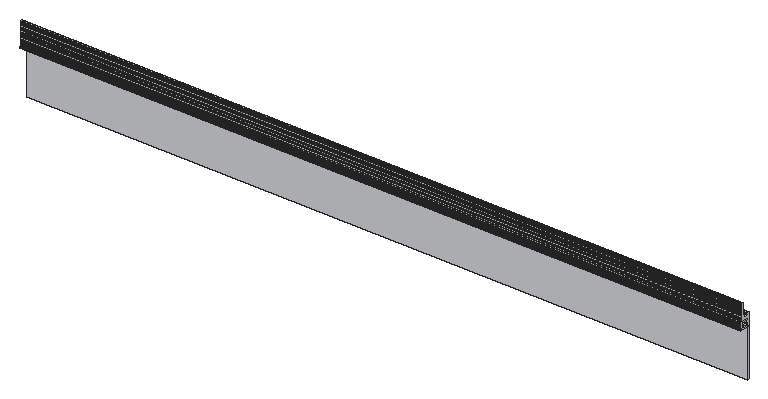
Revit family "Alcon-15244-S-Revit-Family", category Lighting Fixtures, Revit 2021
Family settings
  Round Connector Dimension = Use Diameter
  Part Type = Normal
  Work Plane-Based = No
  Always vertical = Yes
  Cut with Voids When Loaded = No
  Light Source = No
  Shared = No
  Room Calculation Point = No
Parameters (values of type "4'")
  Product Identity = "Alcon Lighting  15244-S"
  Manufacturer = "Alcon Light"
  Link To Product Page = "https://www.alconlighting.com/15244-s.html"
  Light Source = none
  Lens = none
  Lenght = 4' - 0"
  Housing = none
  Default Elevation = 0' - 0"
Types (5): name | Lenght
  (no name) | 4' - 0"
  2' | 2' - 0"
  3' | 3' - 0"
  4' | 4' - 0"
  6' | 6' - 0"
Reference planes (in)
  plane 1 "Center (Front/Back)": y = 0
  plane 2: z = 0
  plane 3 "Center (Left/Right)": x = 0
Forms (in)
  Extrusion 1, solid, material <- "Housing"
    sketch origin (0, 0, 0) x (0, 1, 0) y (0, 0, 1)
      loop
        line (0, 4) -> (-0.14066, 4) -> (-0.14066, 3.92871) -> (-0.069, 3.92871) -> (-0.069, 3.83442) -> (-0.21107, 3.83442)
        arc (-0.21107, 3.83442) -> (-0.24375, 3.72147) -> (-0.27644, 3.83442) r 0.06121
        line (-0.27644, 3.83442) -> (-0.40343, 3.83442) -> (-0.40343, 3.92871) -> (-0.33679, 3.92871) -> (-0.33679, 4) -> (-0.49, 4) -> (-0.49, 4.78381) -> (-0.56063, 4.78381) -> (-0.56176, 4.72889) -> (-0.52958, 4.72889) -> (-0.52958, 4.69725) -> (-0.56241, 4.69725) -> (-0.56352, 4.64361) -> (-0.53134, 4.64361) -> (-0.53134, 4.61196) -> (-0.56417, 4.61196) -> (-0.56556, 4.54421) -> (-0.53338, 4.54421) -> (-0.53338, 4.51256) -> (-0.56622, 4.51256) -> (-0.56766, 4.44246) -> (-0.53548, 4.44246) -> (-0.53548, 4.41082) -> (-0.56831, 4.41082) -> (-0.56975, 4.34072) -> (-0.53757, 4.34072) -> (-0.53757, 4.30907) -> (-0.5704, 4.30907) -> (-0.57185, 4.23898) -> (-0.53967, 4.23898) -> (-0.53967, 4.20733) -> (-0.5725, 4.20733) -> (-0.57394, 4.13723) -> (-0.54176, 4.13723) -> (-0.54176, 4.10559) -> (-0.57459, 4.10559) -> (-0.57603, 4.03549) -> (-0.54385, 4.03549) -> (-0.54385, 4.00384) -> (-0.57668, 4.00384) -> (-0.57813, 3.93375) -> (-0.54595, 3.93375) -> (-0.54595, 3.9021) -> (-0.57878, 3.9021) -> (-0.58022, 3.832) -> (-0.54804, 3.832) -> (-0.54804, 3.80035) -> (-0.58087, 3.80035) -> (-0.58232, 3.73026) -> (-0.55014, 3.73026) -> (-0.55014, 3.69861) -> (-0.58297, 3.69861) -> (-0.58441, 3.62851) -> (-0.55223, 3.62851) -> (-0.55223, 3.59687) -> (-0.58506, 3.59687) -> (-0.5865, 3.52677) -> (-0.55432, 3.52677) -> (-0.55432, 3.49512) -> (-0.58715, 3.49512) -> (-0.5886, 3.42503) -> (-0.55642, 3.42503) -> (-0.55642, 3.39338) -> (-0.58925, 3.39338) -> (-0.59069, 3.32328) -> (-0.55851, 3.32328) -> (-0.55851, 3.29164) -> (-0.59134, 3.29164) -> (-0.59242, 3.23919) -> (-0.63, 3.23919) -> (-0.63, 3.17381) -> (-0.54653, 3.17381) -> (-0.54653, 3.21844) -> (-0.50818, 3.25679) -> (-0.50818, 3.65031) -> (-0.09847, 3.65031) -> (-0.09847, 3.26298) -> (-0.07312, 3.21907) -> (-0.07312, 3.17639) -> (-0.07312, 0) -> (0, 0) -> (0, 4)
    from 0 to 48
  Extrusion 2, solid, material <- "Lens"
    sketch origin (0, 0, 0) x (0, 1, 0) y (0, 0, 1)
      loop
        line (-0.54653, 3.17381) -> (-0.07312, 3.17381) -> (-0.07312, 3.21907) -> (-0.09847, 3.26298) -> (-0.09847, 3.4201) -> (-0.13354, 3.4201) -> (-0.13354, 3.21839) -> (-0.46504, 3.21839) -> (-0.46504, 3.4201) -> (-0.50818, 3.4201) -> (-0.50818, 3.25679) -> (-0.54653, 3.21844) -> (-0.54653, 3.17381)
    from 0 to 48
  Extrusion 3, solid, material <- "Light Source"
    sketch origin (0, 0, 0) x (0, 1, 0) y (0, 0, 1)
      loop
        line (-0.50818, 3.65031) -> (-0.50818, 3.60628) -> (-0.09847, 3.60628) -> (-0.09847, 3.65031) -> (-0.50818, 3.65031)
    from 0 to 48
Dimensions and locks (in)
  "Lenght": plane 3 "Center (Left/Right)" to Extrusion 1
  aligned and locked: plane 2 to level
  aligned and locked: Extrusion 1 to Extrusion 2
  aligned and locked: Extrusion 1 to Extrusion 3
Automatic sketch dimensions
  plane 1 "Center (Front/Back)" to Extrusion 2 sketch curve = 0' - 0.54653"
  Extrusion 2 sketch curve to Extrusion 2 sketch curve = 0' - 0.03835"  (x2)
  Extrusion 2 sketch curve to Extrusion 2 sketch curve = 0' - 0.04315"
  plane 1 "Center (Front/Back)" to Extrusion 2 sketch curve = 0' - 0.13354"
  Extrusion 2 sketch curve to Extrusion 2 sketch curve = 0' - 0.03507"
  plane 1 "Center (Front/Back)" to Extrusion 2 sketch curve = 0' - 0.07312"
  level to Extrusion 2 sketch curve = 0' - 3.17381"
  Extrusion 2 sketch curve to Extrusion 2 sketch curve = 0' - 0.04458"
  Extrusion 2 sketch curve to Extrusion 2 sketch curve = 0' - 0.04463"
  Extrusion 2 sketch curve to Extrusion 2 sketch curve = 0' - 0.04526"
  Extrusion 2 sketch curve to Extrusion 2 sketch curve = 0' - 0.04391"
  Extrusion 2 sketch curve to Extrusion 2 sketch curve = 0' - 0.15712"
  Extrusion 2 sketch curve to Extrusion 2 sketch curve = 0' - 0.16331"
  plane 1 "Center (Front/Back)" to Extrusion 3 sketch curve = 0' - 0.50818"
  plane 1 "Center (Front/Back)" to Extrusion 3 sketch curve = 0' - 0.09847"
  level to Extrusion 3 sketch curve = 0' - 3.60628"
  Extrusion 3 sketch curve to Extrusion 3 sketch curve = 0' - 0.04403"
  Extrusion 1 sketch curve to level = 0' - 0"
  Extrusion 1 sketch curve to plane 1 "Center (Front/Back)" = 0' - 0"
  plane 1 "Center (Front/Back)" to Extrusion 1 sketch curve = 0' - 0.069"
  plane 1 "Center (Front/Back)" to Extrusion 1 sketch curve = 0' - 0.07312"
  plane 1 "Center (Front/Back)" to Extrusion 1 sketch curve = 0' - 0.09847"
  Extrusion 1 sketch curve to Extrusion 1 sketch curve = 0' - 0.07166"
  Extrusion 1 sketch curve to Extrusion 1 sketch curve = 0' - 0.07041"
  Extrusion 1 sketch curve to Extrusion 1 sketch curve = 0' - 0.03269"  (x2)
  Extrusion 1 sketch curve to Extrusion 1 sketch curve = 0' - 0.06035"
  Extrusion 1 sketch curve to Extrusion 1 sketch curve = 0' - 0.06663"
  plane 1 "Center (Front/Back)" to Extrusion 1 sketch curve = 0' - 0.49"
  Extrusion 1 sketch curve to Extrusion 1 sketch curve = 0' - 0.40971"
  Extrusion 1 sketch curve to Extrusion 1 sketch curve = 0' - 0.03958"
  Extrusion 1 sketch curve to Extrusion 1 sketch curve = 0' - 0.00176"
  Extrusion 1 sketch curve to Extrusion 1 sketch curve = 0' - 0.00205"
  Extrusion 1 sketch curve to Extrusion 1 sketch curve = 0' - 0.00209"  (x9)
  Extrusion 1 sketch curve to Extrusion 1 sketch curve = 0' - 0.05385"
  Extrusion 1 sketch curve to Extrusion 1 sketch curve = 0' - 0.03835"  (x2)
  Extrusion 1 sketch curve to Extrusion 1 sketch curve = 0' - 0.04195"
  Extrusion 1 sketch curve to Extrusion 1 sketch curve = 0' - 0.04404"
  Extrusion 1 sketch curve to Extrusion 1 sketch curve = 0' - 0.03105"
  Extrusion 1 sketch curve to Extrusion 1 sketch curve = 0' - 0.03218"  (x15)
  Extrusion 1 sketch curve to Extrusion 1 sketch curve = 0' - 0.00065"  (x15)
  Extrusion 1 sketch curve to Extrusion 1 sketch curve = 0' - 0.04589"
  Extrusion 1 sketch curve to Extrusion 1 sketch curve = 0' - 0.03758"
  level to Extrusion 1 sketch curve = 0' - 3.17381"
  Extrusion 1 sketch curve to Extrusion 1 sketch curve = 0' - 0.00258"
  Extrusion 1 sketch curve to Extrusion 1 sketch curve = 0' - 0.04463"
  Extrusion 1 sketch curve to Extrusion 1 sketch curve = 0' - 0.04269"
  Extrusion 1 sketch curve to Extrusion 1 sketch curve = 0' - 0.02074"
  Extrusion 1 sketch curve to Extrusion 1 sketch curve = 0' - 0.04391"
  Extrusion 1 sketch curve to Extrusion 1 sketch curve = 0' - 0.05245"
  Extrusion 1 sketch curve to Extrusion 1 sketch curve = 0' - 0.03165"  (x15)
  Extrusion 1 sketch curve to Extrusion 1 sketch curve = 0' - 0.0701"  (x11)
  Extrusion 1 sketch curve to Extrusion 1 sketch curve = 0' - 0.38733"
  Extrusion 1 sketch curve to Extrusion 1 sketch curve = 0' - 0.0483"
  Extrusion 1 sketch curve to Extrusion 1 sketch curve = 0' - 0.13236"
  Extrusion 1 sketch curve to Extrusion 1 sketch curve = 0' - 0.05175"
  Extrusion 1 sketch curve to Extrusion 1 sketch curve = 0' - 0.09429"  (x2)
  Extrusion 1 sketch curve to Extrusion 1 sketch curve = 0' - 0.07129"  (x2)
  Extrusion 1 sketch curve to Extrusion 1 sketch curve = 0' - 0.06775"
  Extrusion 1 sketch curve to Extrusion 1 sketch curve = 0' - 0.05364"
  Extrusion 1 sketch curve to Extrusion 1 sketch curve = 0' - 0.05492"
